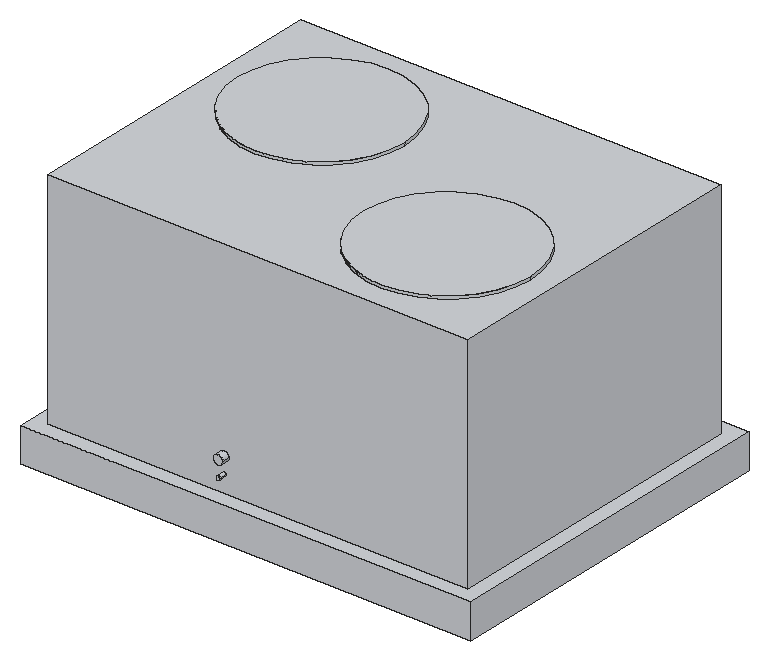
Revit family "M_Unidade de condensação - Resfriado a ar - DX - 21-35 kW", category Equipamento mecânico, Revit 2019
Family settings
  Cota do conector redondo = Usar raio
  Tipo de parte = Normal
  Número OmniClass = 23.75.10.24.21.11.11
  Título OmniClass = Packaged Refrigerant Condensing Coils and Fan Units
  ID de item do Seek = Condensing Unit - Air Cooled - DX - 21-35 kW-0000-CAN-ENU
  Com base no plano de trabalho = Não
  Sempre na vertical = Sim
  Corte com vazios quando carregada = Não
  Compartilhado = Não
  Ponto de cálculo do ambiente = Não
Parameters (values of type "21 kW")
  Voltagem = 460 V
  Largura da unidade = 1162.8 mm
  Material da unidade = none
  Comprimento da unidade = 1509.3 mm
  Altura da unidade = 863.6 mm
  Raio da saída = 6 mm
  Diâmetro da saída = Raio da saída * 2  # 12 mm
  Número de pólos = 3
  Carga máxima de operação = 7620 mm
  Classificação de carga = Refrigeração
  Raio da embocadura = 15 mm
  Diâmetro da embocadura = Raio da embocadura * 2  # 30 mm
  C2 Deslocamento1 = 228.1 mm
  C1 Deslocamento2 = 642.8 mm
  C1 Deslocamento1 = 172.9 mm
  Carga aparente = 4800 VA
  Comprimento 1 = Largura da unidade / 3  # 387.6 mm
Types (4, lengths in mm): name | Raio da embocadura | Diâmetro da embocadura | Carga aparente
  (no name) | 15 | 30 | 4800 VA
  21 kW | 15 | 30 | 4800 VA
  26 kW | 15 | 30 | 6500 VA
  35 kW | 20 | 40 | 8600 VA
Reference planes
  plane 1 "Centro (Frente/Trás)": y = 0
  plane 2: z = 0
  plane 3 "Centro (Esquerda/Direita)": x = 0
  plane 4: y = 1162.8
  plane 5: x = 1509.3
  plane 6: z = 863.6
  plane 7: x = 50.8
  plane 8: x = 1458.5
  plane 9: y = 1112
  plane 10: y = 50.8
  plane 11: z = 116.586
  plane 12: x = 642.8
  plane 13: z = 172.9
  plane 14: z = 228.1
  plane 15: y = 25.4
  plane 16: y = 111.76
  plane 17: z = 582.422
  plane 18: x = 101.6
  plane 19: x = 754.65
  plane 20: x = 402.725
  plane 21: x = 1106.575
  plane 22: y = 758.267
  plane 23: y = 404.533
  plane 24: z = 872.744
Forms (mm)
  Extrusion 1, solid, material <- "Material da unidade"
    sketch origin (0, 0, 0) x (1, 0, 0) y (0, 1, 0)
      loop
        line (0, 1162.8) -> (0, 0) -> (1509.3, 0) -> (1509.3, 1162.8) -> (0, 1162.8)
    from 0 to 116.586
  Extrusion 2, solid, material <- "Material da unidade"
    sketch origin (0, 0, 0) x (1, 0, 0) y (0, 1, 0)
      loop
        line (50.8, 1112) -> (50.8, 50.8) -> (1458.5, 50.8) -> (1458.5, 1112) -> (50.8, 1112)
    from 116.586 to 863.6
  Extrusion 3, solid, material <- "Material da unidade"
    sketch origin (0, 0, 0) x (1, 0, 0) y (0, 0, 1)
      loop
        circle (642.8, 228.1) r 15
    from -50.8 to -25.4
  Extrusion 4, solid, material <- "Material da unidade"
    sketch origin (0, 0, 0) x (1, 0, 0) y (0, 0, 1)
      loop
        circle (642.8, 172.9) r 6
    from -50.8 to -25.4
  Extrusion 5, solid, material <- "Material da unidade"
    sketch origin (0, 0, 0) x (0, 1, 0) y (0, 0, 1)
      loop
        circle (111.76, 582.422) r 12.7
    from 50.8 to 101.6
  Extrusion 6, solid, material <- "Material da unidade"
    sketch origin (0, 0, 0) x (1, 0, 0) y (0, 1, 0)
      loop
        circle (402.725, 758.267) r 279.4
    from 863.6 to 872.744
  Extrusion 7, solid, material <- "Material da unidade"
    sketch origin (0, 0, 0) x (1, 0, 0) y (0, 1, 0)
      loop
        circle (1106.575, 404.533) r 279.4
    from 863.6 to 872.744
Cuts and joins
  joined: Extrusion 2, Extrusion 5
Dimensions and locks
  "Largura da unidade": plane 1 "Centro (Frente/Trás)" to plane 4
  "Comprimento da unidade": plane 3 "Centro (Esquerda/Direita)" to plane 5
  "Altura da unidade": plane 6 to plane 2
  locked: plane 3 "Centro (Esquerda/Direita)" to plane 7 at 50.8
  locked: plane 8 to plane 5 at 50.8
  locked: plane 1 "Centro (Frente/Trás)" to plane 10 at 50.8
  locked: plane 9 to plane 4 at 50.8
  locked: plane 11 to plane 2 at 116.586
  "C1 Deslocamento2": plane 12 to plane 3 "Centro (Esquerda/Direita)"
  "C1 Deslocamento1": plane 13 to plane 2
  "C2 Deslocamento1": plane 14 to level
  locked: plane 15 to plane 10 at 25.4
  locked: plane 16 to plane 1 "Centro (Frente/Trás)" at 111.76
  locked: plane 17 to plane 2 at 582.422
  locked: plane 7 to plane 18 at 50.8
  equal spacing: plane 7, plane 20, plane 19, plane 21, plane 8
  equal spacing: plane 10, plane 23, plane 22, plane 9
  locked: plane 24 to plane 6 at 9.144
  "Raio da embocadura": radius of Extrusion 3 sketch curve
  "Raio da saída": radius of Extrusion 4 sketch curve
  radius of Extrusion 5 sketch curve = 12.7 mm
  radius of Extrusion 6 sketch curve = 279.4 mm
  radius of Extrusion 7 sketch curve = 279.4 mm
  aligned and locked: plane 3 "Centro (Esquerda/Direita)" to Extrusion 1 sketch curve
  aligned and locked: plane 4 to Extrusion 1 sketch curve
  aligned and locked: plane 1 "Centro (Frente/Trás)" to Extrusion 1 sketch curve
  aligned and locked: Extrusion 1 sketch curve to plane 5
  aligned and locked: Extrusion 1 to plane 2
  aligned and locked: plane 7 to Extrusion 2 sketch curve
  aligned and locked: plane 9 to Extrusion 2 sketch curve
  aligned and locked: plane 10 to Extrusion 2 sketch curve
  aligned and locked: Extrusion 2 sketch curve to plane 8
  aligned and locked: plane 11 to Extrusion 1
  aligned and locked: plane 6 to Extrusion 2
  aligned and locked: Extrusion 2 to plane 11
  aligned and locked: plane 14 to Extrusion 3 sketch curve
  aligned and locked: plane 12 to Extrusion 3 sketch curve
  aligned and locked: plane 13 to Extrusion 4 sketch curve
  aligned and locked: plane 12 to Extrusion 4 sketch curve
  aligned and locked: Extrusion 3 to plane 10
  aligned and locked: plane 15 to Extrusion 3
  aligned and locked: Extrusion 4 to plane 10
  aligned and locked: plane 15 to Extrusion 4
  aligned and locked: plane 17 to Extrusion 5 sketch curve
  aligned and locked: plane 16 to Extrusion 5 sketch curve
  aligned and locked: Extrusion 5 to plane 7
  aligned and locked: plane 18 to Extrusion 5
  aligned and locked: plane 22 to Extrusion 6 sketch curve
  aligned and locked: plane 20 to Extrusion 6 sketch curve
  aligned and locked: plane 23 to Extrusion 7 sketch curve
  aligned and locked: plane 21 to Extrusion 7 sketch curve
  aligned and locked: plane 24 to Extrusion 6
  aligned and locked: plane 24 to Extrusion 7
  aligned and locked: Extrusion 6 to plane 6
  aligned and locked: Extrusion 7 to plane 6
Connectors
  piping at (642.8, 25.4, 172.9), diameter 12, driven by "Raio da saída"
    settings: on Extrusion 4, index 1, connector inside diameter 12 mm, connector length 0 mm, flow factor 0, pipe flow 0.0 L/s, pressure drop 0.0 Pa, fitting loss kfactor 0, connector angle 0.00°, fixture units 0, engagement length 0 mm, angle of deflection 0.00°, flow configuration 0, flow direction 2, fitting loss method 0, system type 22, joint type 0, gender type 0, connector reference index 2, connector utility 0, adjustable connector no, is connector primary yes, connector description "Saída de material criogênico"
  piping at (642.8, 25.4, 228.1), diameter 30, driven by "Raio da embocadura"
    settings: on Extrusion 3, index 2, connector inside diameter 30 mm, connector length 0 mm, flow factor 0, pipe flow 0.0 L/s, pressure drop 0.0 Pa, fitting loss kfactor 0, connector angle 0.00°, fixture units 0, engagement length 0 mm, angle of deflection 0.00°, flow configuration 0, flow direction 1, fitting loss method 0, system type 22, joint type 0, gender type 0, connector reference index 1, connector utility 0, adjustable connector no, is connector primary no, connector description "Entrada de material criogênico"
  electrical at (50.8, 111.76, 582.422), driven by "Carga aparente", driven by "Voltagem", driven by "Número de pólos", driven by "Classificação de carga"
    settings: on Extrusion 5, index 3, voltage 460 V, apparent load 4800 VA, apparent load phase1 0 VA, apparent load phase2 0 VA, apparent load phase3 0 VA, power factor 0.8, load classification "Refrigeração", number of poles 3, system type 30, power factor state 1, is connector primary yes, connector utility no, sub classification motor no, connector description ""
